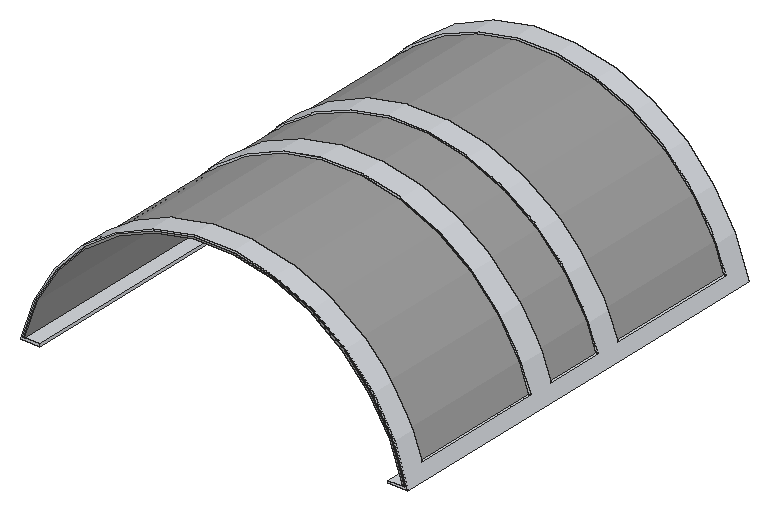
Revit family "1380", category Lighting Fixtures, Revit 2016
Family settings
  Part Type = Normal
  Round Connector Dimension = Use Diameter
  OmniClass Number = 23.80.70.00
  OmniClass Title = Lighting
  Work Plane-Based = No
  Always vertical = Yes
  Cut with Voids When Loaded = No
  Light Source = Yes
  Shared = No
  Room Calculation Point = No
Parameters
  Wattage = 12.1178 W
  built-in parameter 1150110 = 1 (stored number, unit not read)
  built-in parameter 1114217 = 1 (stored number, unit not read)
  built-in parameter 1150109 = 1 (stored number, unit not read)
  built-in parameter 1150134 = (empty or 0)
  built-in parameter 1150113 = 1 (stored number, unit not read)
  Lumens = 1800 lm
  built-in parameter 1150115 = 1 (stored number, unit not read)
  built-in parameter 1150105 = 143.24 (stored number, unit not read)
  Light Source Symbol Size = 2' - 0"
  built-in parameter 1150137 = (empty or 0)
  built-in parameter 1150139 = (empty or 0)
  built-in parameter 1150112 = 1 (stored number, unit not read)
  built-in parameter 1150114 = 1 (stored number, unit not read)
  built-in parameter 1150132 = 2
  built-in parameter 1150102 = (empty or 0)
  built-in parameter 1150138 = (empty or 0)
  built-in parameter 1150107 = 3000 (stored number, unit not read)
  built-in parameter 1150106 = 1.4324 (stored number, unit not read)
  built-in parameter 1150104 = 13.8 (stored number, unit not read)
  Dimming Lamp Color Temperature Shift = (empty or 0)
  Color Filter = 16777215
  built-in parameter 1114218 = 1 (stored number, unit not read)
  built-in parameter 1150133 = 10 (stored number, unit not read)
Reference planes (in)
  plane 1 "Light Source Axis (F/B)": y = 0
  plane 2: z = 0
  plane 3 "Light Source Axis (L/R)": x = 0
  plane 4 "Light Source Elevation": z = 3.93799
  plane 5: y = -5.5
Forms (in)
  Extrusion 1, solid
    sketch origin (-15.9177, -5.5, 48) x (-1, 0, 0) y (0, 0, 1)
      loop
        line (-15.9177, -48) -> (-10.9177, -48)
        arc (-10.9177, -48) -> (-15.9177, -44) -> (-20.9177, -48) r 5.125
        line (-20.9177, -48) -> (-15.9177, -48)
    from 0 to 11
  Extrusion 2, void
    sketch origin (0, -0.1, 0) x (0, 1, 0) y (0, 0, 1)
      loop
        line (5, 4.12916) -> (1.5, 4.12916) -> (1.5, 0.37916) -> (5, 0.37916) -> (5, 4.12916)
    from -8.68494 to 12
  Extrusion 3, void
    sketch origin (0, -0.26956, 0) x (0, 1, 0) y (0, 0, 1)
      loop
        line (-0.48044, 4.6079) -> (-0.48044, 0.37916) -> (1.04187, 0.37916) -> (1.04187, 4.6079) -> (-0.48044, 4.6079)
    from -8.42566 to 12
  Extrusion 4, void
    sketch origin (0, 0.1, 0) x (0, -1, 0) y (0, 0, -1)
      loop
        line (5, -4.12916) -> (5, -0.37916) -> (1.5, -0.37916) -> (1.5, -4.12916) -> (5, -4.12916)
    from -8.68494 to 12
  Extrusion 5, void
    sketch origin (-15.9177, -5.5, 48) x (1, 0, 0) y (0, 0, 1)
      loop
        line (15.9177, -48) -> (20.4177, -48) -> (20.4177, -47.9375) -> (20.8563, -47.9375)
        arc (20.8563, -47.9375) -> (15.9177, -44.04074) -> (10.9791, -47.9375) r 5.07787
        line (10.9791, -47.9375) -> (11.4177, -47.9375) -> (11.4177, -48) -> (15.9177, -48)
    from 0 to -18.83086
  Extrusion 6, solid, material "Acrylic-Brownlee"
    sketch origin (-15.9177, -5.5, 48) x (-1, 0, 0) y (0, 0, 1)
      loop
        line (-20.8563, -47.9375) -> (-20.7938, -47.9375)
        arc (-20.7938, -47.9375) -> (-15.9177, -44.0881) -> (-11.0416, -47.9375) r 5.01302
        line (-11.0416, -47.9375) -> (-10.9791, -47.9375)
        arc (-10.9791, -47.9375) -> (-15.9177, -44.04074) -> (-20.8563, -47.9375) r 5.07787
    from 0 to 11
Cuts and joins
  Extrusion 2, Extrusion 3, Extrusion 4, Extrusion 5 cuts Extrusion 1
Dimensions and locks (in)
  aligned and locked: plane 1 "Light Source Axis (F/B)" to imposter light
  aligned and locked: plane 4 "Light Source Elevation" to imposter light
  aligned and locked: level to plane 2
